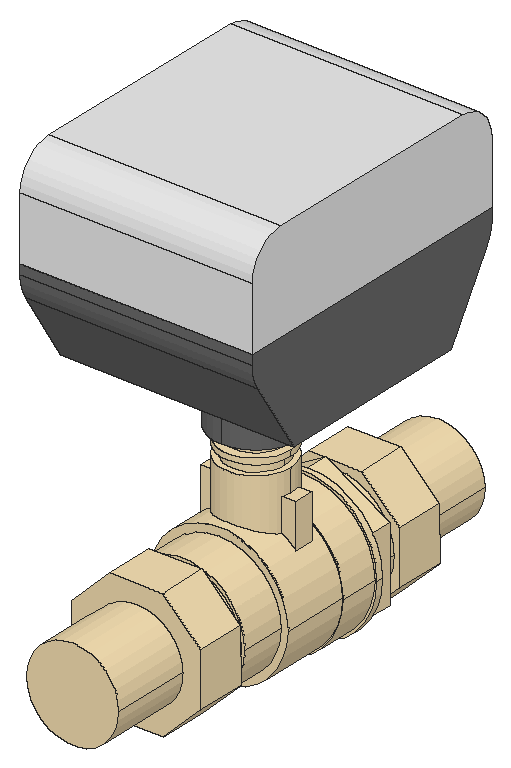
Revit family "2.rvt", category Pipe Accessories, Revit 2018
Family settings
  Round Connector Dimension = Use Diameter
  Part Type = Normal
  OmniClass Number = 23.65.00.00
  OmniClass Title = Supply and Distribution of Liquids and Gases
  Work Plane-Based = No
  Always vertical = No
  Cut with Voids When Loaded = No
  Shared = No
Parameters (values of type "3/4" - 2 ways")
  Youtube clip = ""
  Weight Net (Kg) = ""
  Voltage = 230 V
  Uniformat II Description = "HVAC"  # constant formula
  Uniformat II Code = "D30"  # constant formula
  Uniclass 2015 Name = "Heating, cooling and refrigeration systems"  # constant formula
  Uniclass 2015 Code = "Ss_60"  # constant formula
  Uniclass 2.0 Description = "Valves"  # constant formula
  Uniclass 2.0 Code = "PR-94"  # constant formula
  Uniclass 1.4 Description = "Valves"  # constant formula
  Uniclass 1.4 Code = "L7136"  # constant formula
  URL = "www.pintossi.it"
  UNSPSC Code = "401416"  # constant formula
  Torque = 800 mm  # constant formula
  Technical description = ""
  Rotation angle = "-10÷55°C"  # constant formula
  Region South America = "AR, BO, BR, CL, CO, EC, FK, GF, GY, PE, PY, SR, UY, VE"  # constant formula
  Region Oceania = "AS, AU, CK, FJ, FM, GU, KI, MH, MP, NC, NF, NR, NU, NZ, PF, PG, PN, PW, SB, TK, TL, TO, TV, UM, WF, WS, VU"  # constant formula
  Region North America = "AG, AI, AW, BB, BL, BM, BQ, BS, BZ, CA, CR, CU, CW, DM, DO, GD, GL, GP, GT, HN, HT, JM, KN, KY, LC, MF, MQ, MS, MX, NI, PA, PM, PR, SV, SX, TC, TT, US, VC, VG, VI"  # constant formula
  Region Middle East = "AE, AF, BH, EG, IL, IQ, IR, JO, KW, LB, OM, PS, QA, SA, SY, TR, YE"  # constant formula
  Region Europe = "AD, AL, AT, AX, BA, BE, BG, BY, CH, CY, CZ, DE, DK, EE, ES, FI, FO, FR, GB, GG, GI, GR, HR, HU, IE, IM, IS, IT, JE, LI, LT, LU, LV, MC, MD, ME, MK, MT, NL, NO, PL, PT, RO, RS, RU, SE, SI, SJ, SK, SM, UA, VA"  # constant formula
  Region Asia = "AM, AZ, BD, BN, BT, CC, CN, CX, GE, HK, ID, IN, IO, JP, KG, KH, KR, KZ, LA, LK, MM, MN, MO, MV, MY, NP, PH, PK, SG, TH, TJ, TM, TW, UZ, VN"  # constant formula
  Region Antarctica = "AQ, BV, GS, HM, TF"  # constant formula
  Region Africa = "AO, BF, BI, BJ, BW, CD, CF, CG, CI, CM, CV, DJ, DZ, EH, ER, ET, GA, GH, GM, GN, GQ, GW, KE, KM, LR, LS, LY, MA, MG, ML, MR, MU, MW, MZ, NA, NE, NG, RE, RW, SC, SD, SH, SL, SN, SO, SS, ST, SZ, TD, TG, TN, TZ, UG, YT, ZA, ZM, ZW"  # constant formula
  QR code = ""
  Protection level = 90.00°  # constant formula
  Product url = ""
  Product group = "Ball zone valves"  # constant formula
  Product family = "Zone valves"  # constant formula
  Product data url = "https://www.bimobject.com/pintossi/product/772-2-ways-ball-zone-valves"
  Product certification = ""
  Product SKU = ""
  Product Guid = "7d02ca70-db8c-4f84-983d-8de72317b0d6"  # constant formula
  PH: = "Between 7 and 8Between 7 and 8"  # constant formula
  OmniClass Description = "Valves"  # constant formula
  OmniClass Code = "23-27 31 00"  # constant formula
  NBS Reference Description = "Valves"  # constant formula
  NBS Reference Code = "94-94"  # constant formula
  Motorized [instance] = yes
  Model = "772"  # constant formula
  Maximum working temperature = 110 °C
  Maximum working pressure = 1000000.0 Pa
  Maximum percentage of glycol [%] = 30  # constant formula
  Material secondary = ""
  Material main = "Brass"  # constant formula
  Masterformat 2014 Description = "Heating, Ventilating, and Air Conditioning (HVAC)"  # constant formula
  Masterformat 2014 Code = "23 00 00"  # constant formula
  Manufacturer name = "Pintossi+c"  # constant formula
  Manufacturer country = "Italy"  # constant formula
  Manufacturer = "Pintossi+c"  # constant formula
  Mainfold Length = 130 mm
  Main Inlet/Outlet Radius = 9.5 mm
  Main Inlet/Outlet Diameter = 19.1 mm
  Main Inlet/Outlet 3/4" = yes
  Main Inlet/Outlet 1" = no
  Iron (FE): = "< 0,5 mg/kg (< 0,1 mg/kg for steam)"  # constant formula
  Installation instructions = ""
  IFC Classification = "Valve"  # constant formula
  Fluid aspect: = "Limpid"  # constant formula
  Electrical connector [instance] = if(Motorized, "Motorized electrical", "Not available")  # "Motorized electrical"
  Edition number = 1
  EAN code = ""
  Design country = "Italy"  # constant formula
  Description = "Pintossi+C motorized zone valves are the perfect solution to be used when a thermal regulation divided in more enviroments is needed, connecting the valve to a room thermostat, giving the information of opening/closing, depending on the set temperature.\r\n\r\nPintossi+C zone valves garantuee high performance levels: reduced dimensions and ease of use during installation allow to automatically intercept the fluid in hydraulic water systems and zone heating systems.\r\n\r\nBesides the valve is equipped with APS (Anti-locking Pintossi System) a unique patented mechanism which prevent the opening and closing operation locking caused by dirt and limescale.\r\n\r\nAll the valves are equipped with pipe unions for an easy installation.\r\n\r\nMain features:\r\n\r\n- No seepage\r\n\r\n- Short opening and closing times\r\n\r\n- Operational capacity with high differential pressures\r\n\r\n- Low head losses thanks to the full bore flow\r\n\r\n- Match with any type of 3-contact controls\r\n\r\nThe valve can be easily motorized using Pintossi+C actuator art.770 that can be used even with manual option."  # constant formula
  Date of publishing = ""
  Copper (CU): = "< 0,1 mg/kg (< 0,05 mg/kg for steam)"  # constant formula
  Conditioning: = "as indicated by the producer"  # constant formula
  COBIe Type Category = ""
  Brand url = "http://www.pintossi.it/"
  Body Material = Pintossi - Metal - Brass CW617N
  BIMobject category = "HVAC: Other HVAC"  # constant formula
  Application fluids = "Water or glycol solutions"  # constant formula
  Antifreeze: = "Passiveted Propylene Glycol"  # constant formula
Types (3, lengths in mm): name | Mainfold Length | Main Inlet/Outlet Radius | Main Inlet/Outlet Diameter | Main Inlet/Outlet 3/4" | Main Inlet/Outlet 1"
  (no name) | 130 | 9.5 | 19.1 | yes | no
  1" - 2 ways | 145 | 12.7 | 25.4 | no | yes
  3/4" - 2 ways | 130 | 9.5 | 19.1 | yes | no
Reference planes
  plane 1 "Center (Front/Back)": y = 0
  plane 2: z = 0
  plane 3 "Center (Left/Right)": x = 0
  plane 4: y = 65
  plane 5: y = -65
  plane 6: x = -2.99
  plane 7: x = 2.99
Forms (mm)
  Sweep 1, solid, material "Pintossi - Metal - Brass CW617N" <- "Body Material", visible <- "Main Inlet/Outlet 1"", detail levels fine
    path origin (0, 0, 0) x (1, 0, 0) y (0, 1, 0)
      loop
        line (0, 65) -> (0, 50)
    profile origin (0, 57.5, 0) x (1, 0, 0) y (0, 0, 1)
      loop
        circle (0, 0) r 16.5
  Sweep 2, solid, material "Pintossi - Metal - Brass CW617N" <- "Body Material", visible <- "Main Inlet/Outlet 1"", detail levels fine
    path origin (0, 0, 0) x (1, 0, 0) y (0, 1, 0)
      loop
        line (0, 50) -> (0, 34.9)
    profile origin (0, 42.45, 0) x (1, 0, 0) y (0, 0, 1)
      loop
        circle (0, 0) r 11
  Sweep 3, solid, material "Pintossi - Metal - Brass CW617N" <- "Body Material", detail levels fine
    path origin (0, 0, 0) x (1, 0, 0) y (0, 1, 0)
      loop
        line (0, 42.4) -> (0, 28.4)
    profile origin (0, 35.4, 0) x (1, 0, 0) y (0, 0, 1)
      loop
        line (-18.358, 7.417) -> (-18.226, -7.736) -> (-7.417, -18.358) -> (7.736, -18.226) -> (18.358, -7.417) -> (18.226, 7.736) -> (7.417, 18.358) -> (-7.736, 18.226) -> (-18.358, 7.417)
  Sweep 4, solid, material "Pintossi - Metal - Brass CW617N" <- "Body Material", detail levels fine
    path origin (0, 0, 0) x (1, 0, 0) y (0, 1, 0)
      loop
        line (0, 24.916) -> (0, 28.4)
    profile origin (0, 26.658, 0) x (-1, 0, 0) y (0, 0, 1)
      loop
        circle (0, 0) r 16.5
  Sweep 5, solid, material "Pintossi - Metal - Brass CW617N" <- "Body Material", visible <- "Main Inlet/Outlet 1"", detail levels fine
    path origin (0, 0, 0) x (1, 0, 0) y (0, -1, 0)
      loop
        line (0, 65) -> (0, 50)
    profile origin (0, -57.5, 0) x (-1, 0, 0) y (0, 0, 1)
      loop
        circle (0, 0) r 16.5
  Sweep 6, solid, material "Pintossi - Metal - Brass CW617N" <- "Body Material", visible <- "Main Inlet/Outlet 1"", detail levels fine
    path origin (0, 0, 0) x (1, 0, 0) y (0, -1, 0)
      loop
        line (0, 50) -> (0, 34.9)
    profile origin (0, -42.45, 0) x (-1, 0, 0) y (0, 0, 1)
      loop
        circle (0, 0) r 11
  Sweep 7, solid, material "Pintossi - Metal - Brass CW617N" <- "Body Material", detail levels fine
    path origin (0, 0, 0) x (1, 0, 0) y (0, -1, 0)
      loop
        line (0, 42.4) -> (0, 28.4)
    profile origin (0, -35.4, 0) x (-1, 0, 0) y (0, 0, 1)
      loop
        line (18.358, 7.417) -> (7.736, 18.226) -> (-7.417, 18.358) -> (-18.226, 7.736) -> (-18.358, -7.417) -> (-7.736, -18.226) -> (7.417, -18.358) -> (18.226, -7.736) -> (18.358, 7.417)
  Sweep 8, solid, material "Pintossi - Metal - Brass CW617N" <- "Body Material", detail levels fine
    path origin (0, 0, 0) x (1, 0, 0) y (0, 1, 0)
      loop
        line (0, 24.916) -> (0, 18.7)
    profile origin (0, 21.808, 0) x (1, 0, 0) y (0, 0, 1)
      loop
        line (18.187, 10.5) -> (0, 21) -> (-18.187, 10.5) -> (-18.187, -10.5) -> (0, -21) -> (18.187, -10.5) -> (18.187, 10.5)
  Sweep 9, solid, material "Pintossi - Metal - Brass CW617N" <- "Body Material", detail levels fine
    path origin (0, 0, 0) x (1, 0, 0) y (0, 1, 0)
      loop
        line (0, 18.7) -> (0, 16.969)
    profile origin (0, 17.834, 0) x (1, 0, 0) y (0, 0, 1)
      loop
        circle (0, 0) r 21
  Sweep 10, solid, material "Pintossi - Metal - Brass CW617N" <- "Body Material", detail levels fine
    path origin (0, 0, 0) x (1, 0, 0) y (0, 1, 0)
      loop
        line (0, 16.969) -> (0, 5.967)
    profile origin (0, 11.468, 0) x (1, 0, 0) y (0, 0, 1)
      loop
        circle (0, 0) r 20.25
  Sweep 11, solid, material "Pintossi - Metal - Brass CW617N" <- "Body Material", detail levels fine
    path origin (0, 0, 0) x (1, 0, 0) y (0, 1, 0)
      loop
        line (0, 5.967) -> (0, -13)
    profile origin (0, -3.516, 0) x (1, 0, 0) y (0, 0, 1)
      loop
        circle (0, 0) r 19.75
  Sweep 12, solid, material "Pintossi - Metal - Brass CW617N" <- "Body Material", detail levels fine
    path origin (0, 0, 0) x (1, 0, 0) y (0, 1, 0)
      loop
        line (0, -13) -> (0, -25.8)
    profile origin (0, -19.4, 0) x (1, 0, 0) y (0, 0, 1)
      loop
        circle (0, 0) r 17.5
  Sweep 13, solid, material "Pintossi - Metal - Brass CW617N" <- "Body Material", detail levels fine
    path origin (0, 0, 0) x (1, 0, 0) y (0, 1, 0)
      loop
        line (0, -25.8) -> (0, -28.4)
    profile origin (0, -27.1, 0) x (1, 0, 0) y (0, 0, 1)
      loop
        circle (0, 0) r 16.5
  Sweep 14, solid, material "Pintossi - Metal - Brass CW617N" <- "Body Material", detail levels fine
    path origin (0, 0, 0) x (0, 1, 0) y (0, 0, 1)
      loop
        line (0, 0) -> (0, 32.689)
    profile origin (0, 0, 16.344) x (0, -1, 0) y (1, 0, 0)
      loop
        circle (0, 0) r 10
  Sweep 15, solid, material "Pintossi - Metal - Brass CW617N" <- "Body Material", detail levels fine
    path origin (0, 0, 0) x (0, 1, 0) y (0, 0, 1)
      loop
        line (0, 32.689) -> (0, 35.614)
    profile origin (0, 0, 34.152) x (0, -1, 0) y (1, 0, 0)
      loop
        circle (0, 0) r 8.25
  Sweep 16, solid, material "Pintossi - Metal - Brass CW617N" <- "Body Material", detail levels fine
    path origin (0, 0, 0) x (0, 1, 0) y (0, 0, 1)
      loop
        line (0, 35.614) -> (0, 37.2)
    profile origin (0, 0, 36.407) x (0, -1, 0) y (1, 0, 0)
      loop
        circle (0, 0) r 10
  Sweep 17, solid, material "Pintossi - Metal - Brass CW617N" <- "Body Material", detail levels fine
    path origin (0, 0, 0) x (1, 0, 0) y (0, 0, 1)
      loop
        line (0, 37.2) -> (0, 40.5)
    profile origin (0, 0, 38.85) x (-1, 0, 0) y (0, -1, 0)
      loop
        circle (0, 0) r 7.6
  Extrusion 18, solid, material "Pintossi - Metal - Brass CW617N" <- "Body Material", detail levels fine
    sketch origin (0, 0, 0) x (1, 0, 0) y (0, 1, 0)
      loop
        line (-7.108, 2.858) -> (-13.409, 2.858) -> (-13.409, -2.856) -> (-7.108, -2.856) -> (-7.108, 2.858)
    from 0 to 26.5
  Extrusion 19, solid, material "Pintossi - Metal - Brass CW617N" <- "Body Material", detail levels fine
    sketch origin (0, 0, 0) x (-1, 0, 0) y (0, -1, 0)
      loop
        line (-7.407, -2.858) -> (-7.407, 2.856) -> (-13.708, 2.856) -> (-13.708, -2.858) -> (-7.407, -2.858)
    from 0 to 26.5
  Extrusion 20, solid, material "Pintossi - Metal - Brass CW617N" <- "Body Material", visible <- "Main Inlet/Outlet 1"", detail levels fine
    sketch origin (-0.156, 0, 0) x (1, 0, 0) y (0, 1, 0)
      loop
        line (-1.526, 46.757) -> (1.825, 46.757) -> (1.825, 51.956) -> (-1.526, 51.956) -> (-1.526, 46.757)
    from -16.494 to 16.477
  Sweep 21, solid, material "Pintossi - Metal - Brass CW617N" <- "Body Material", visible <- "Main Inlet/Outlet 3/4"", detail levels fine
    path origin (0, 0, 0) x (1, 0, 0) y (0, 1, 0)
      loop
        line (0, 34.9) -> (0, 65)
    profile origin (0, 49.95, 0) x (-1, 0, 0) y (0, 0, 1)
      loop
        circle (0, 0) r 13.05
  Sweep 22, solid, material "Pintossi - Metal - Brass CW617N" <- "Body Material", visible <- "Main Inlet/Outlet 3/4"", detail levels fine
    path origin (0, 0, 0) x (1, 0, 0) y (0, 1, 0)
      loop
        line (0, -34.9) -> (0, -65)
    profile origin (0, -49.95, 0) x (1, 0, 0) y (0, 0, 1)
      loop
        circle (0, 0) r 13.05
  Extrusion 23, solid, material "Pintossi - Plastic - Black ABS", visible <- "Motorized", detail levels fine
    sketch origin (-0.015, -1.513, -84) x (0, 1, 0) y (-1, 0, 0)
      loop
        circle (1.513, -0.015) r 12.093
    from 124.5 to 142.5
  Extrusion 24, solid, material "Pintossi - Metal - Brass CW617N" <- "Body Material", visible <- "Main Inlet/Outlet 1"", detail levels fine
    sketch origin (-0.156, 0, 0) x (1, 0, 0) y (0, 1, 0)
      loop
        line (-1.526, -46.757) -> (-1.526, -51.956) -> (1.825, -51.956) -> (1.825, -46.757) -> (-1.526, -46.757)
    from -16.494 to 16.477
  Extrusion 25, solid, material "Pintossi - Plastic - ABS", visible <- "Motorized", detail levels fine
    sketch origin (-0.015, -7.275, -84) x (0, 1, 0) y (0, 0, 1)
      loop
        arc (-25.012, 200.5) -> (-32.237, 197.507) -> (-35.229, 190.283) r 10.217
        line (-35.229, 190.283) -> (-35.229, 172.272) -> (49.779, 172.272) -> (49.779, 190.283)
        arc (49.779, 190.283) -> (46.786, 197.507) -> (39.562, 200.5) r 10.217
        line (39.562, 200.5) -> (-25.012, 200.5)
    from -33 to 33.076
  Extrusion 26, solid, material "Pintossi - Plastic - Black ABS", visible <- "Motorized", detail levels fine
    sketch origin (-0.015, -5.683, -70.839) x (0, 1, 0) y (0, 0, 1)
      loop
        line (-22.268, 129.339) -> (33.633, 129.339) -> (46.289, 149.593)
        arc (46.289, 149.593) -> (47.703, 152.769) -> (48.187, 156.21) r 12.487
        line (48.187, 156.21) -> (48.187, 159.111) -> (-36.821, 159.111) -> (-36.821, 156.21)
        arc (-36.821, 156.21) -> (-36.338, 152.769) -> (-34.924, 149.593) r 12.487
        line (-34.924, 149.593) -> (-22.268, 129.339)
    from -33 to 33.076
  Extrusion 27, solid, material "Pintossi - Plastic - Black ABS", visible <- "Motorized", detail levels fine
    sketch origin (-0.015, 0.079, -70.839) x (0, 1, 0) y (0, 0, 1)
      loop
        circle (14.285, 139.455) r 5
    from -23.92 to -34.876
Lines and regions (mm)
  symbolic lines, visible <- "Motorized"
    curve 1: line (-57.7, -50, 0) -> (-57.7, 50, 0)
    curve 2: line (-57.7, 50, 0) -> (-32.7, 50, 0)
    curve 3: line (-32.7, 50, 0) -> (-32.7, -50, 0)
    curve 4: line (-32.7, -50, 0) -> (-57.7, -50, 0)
    curve 23: line (-15, 0, 0) -> (-32.7, 0, 0)
  symbolic lines
    curve 5: circle (0, 0, 0) r 15 normal (0, 0, 1)
  symbolic lines, visible <- "Motorized", not visible
    curve 6: line (334.964, -369.091, 0) -> (434.964, -369.091, 0)
    curve 7: line (434.964, -369.091, 0) -> (434.964, -394.091, 0)
    curve 8: line (434.964, -394.091, 0) -> (334.964, -394.091, 0)
    curve 9: line (334.964, -394.091, 0) -> (334.964, -369.091, 0)
    curve 24: line (384.964, -411.791, 0) -> (384.964, -394.091, 0)
  symbolic lines, not visible
    curve 10: circle (384.964, -426.791, 0) r 15 normal (0, 0, 1)
  model lines, visible <- "Motorized", detail levels coarse+medium
    curve 11: line (0, -42.5, 32.689) -> (0, 42.5, 32.689)
    curve 13: line (0, -42.5, 32.689) -> (0, -42.5, 67.689)
    curve 14: line (0, 42.5, 32.689) -> (0, 42.5, 67.689)
    curve 15: line (0, 42.5, 67.689) -> (0, -42.5, 67.689)
    curve 22: line (0, 0, 32.689) -> (0, 0, 15)
  model lines, detail levels coarse+medium
    curve 12: line (0, -65, 30.5) -> (0, -65, -29.5)
    curve 16: line (0, -65, 30.5) -> (0, -13.826, 5.817)
    curve 17: line (0, -65, -29.5) -> (0, -13.894, -5.653)
    curve 18: line (0, 65, 30.5) -> (0, 65, -29.5)
    curve 19: line (0, 65, 30.5) -> (0, 13.826, 5.817)
    curve 20: line (0, 65, -29.5) -> (0, 13.894, -5.653)
    curve 21: circle (0, 0, 0) r 15 normal (1, 0, 0)
  symbolic lines, visible <- "Main Inlet/Outlet 1""
    curve 25: line (-30, 72.5, 0) -> (30, 72.5, 0)
    curve 26: line (-30, -72.5, 0) -> (-5.735, -13.86, 0)
    curve 27: line (30, -72.5, 0) -> (5.735, -13.86, 0)
    curve 28: line (-30, 72.5, 0) -> (-5.735, 13.86, 0)
    curve 29: line (30, 72.5, 0) -> (5.735, 13.86, 0)
    curve 35: line (-30, -72.5, 0) -> (30, -72.5, 0)
  symbolic lines, visible <- "Main Inlet/Outlet 1"", not visible
    curve 30: line (457.464, -396.791, 0) -> (457.464, -456.791, 0)
    curve 31: line (312.464, -396.791, 0) -> (371.104, -421.056, 0)
    curve 32: line (312.464, -456.791, 0) -> (371.104, -432.526, 0)
    curve 33: line (457.464, -396.791, 0) -> (398.824, -421.056, 0)
    curve 34: line (457.464, -456.791, 0) -> (398.824, -432.526, 0)
    curve 36: line (312.464, -396.791, 0) -> (312.464, -456.791, 0)
  symbolic lines, visible <- "Main Inlet/Outlet 3/4""
    curve 37: line (28.835, 65, 0) -> (5.121, 13.619, 0)
    curve 38: line (28.835, 65, 0) -> (-28.536, 65, 0)
    curve 39: line (-28.536, 65, 0) -> (-4.822, 13.619, 0)
    curve 40: line (28.835, -65, 0) -> (5.121, -13.619, 0)
    curve 41: line (28.835, -65, 0) -> (-28.536, -65, 0)
    curve 42: line (-28.536, -65, 0) -> (-4.822, -13.619, 0)
Dimensions and locks
  equal spacing: plane 5, plane 1 "Center (Front/Back)", plane 4
  "Mainfold Length": plane 5 to plane 4
  plane 6 to plane 7 = 5.981 mm
  locked: Extrusion 26 sketch curve to Extrusion 26 sketch curve at 55.901
  equal spacing: Extrusion 26 sketch curve, plane 1 "Center (Front/Back)", Extrusion 26 sketch curve
  locked: Extrusion 25 sketch curve to Extrusion 25 sketch curve at 85.008
  equal spacing: Extrusion 25 sketch curve, plane 1 "Center (Front/Back)", Extrusion 25 sketch curve
  aligned and locked: level to plane 2
  aligned and locked: plane 4 to Sweep 1
  aligned and locked: Sweep 5 to plane 5
  aligned and locked: Sweep 5 to Sweep 6
  aligned and locked: Sweep 7 to Sweep 13
  aligned and locked: Sweep 13 to Sweep 12
  aligned and locked: Sweep 12 to Sweep 11
  aligned and locked: Sweep 1 to Sweep 2
  aligned and locked: Sweep 4 to Sweep 3
  aligned and locked: Sweep 8 to Sweep 4
  aligned and locked: Sweep 8 to Sweep 9
  aligned and locked: Sweep 9 to Sweep 10
  aligned and locked: Sweep 10 to Sweep 11
  aligned and locked: Sweep 11 to Sweep 12
  aligned and locked: Sweep 12 to Sweep 13
  aligned and locked: curve 38 to plane 4
  aligned and locked: curve 41 to plane 5
Automatic sketch dimensions
  curve 3 to curve 5 = 50 mm
  curve 5 to curve 1 = 50 mm
  curve 2 to curve 28 = 22.5 mm
  curve 25 to curve 5 = 30 mm
  curve 25 to curve 25 = 60 mm
  curve 25 to curve 2 = 2.7 mm
  curve 2 to curve 2 = 25 mm
  curve 35 to curve 3 = 22.5 mm
  curve 26 to curve 5 = 13.86 mm
  curve 26 to curve 27 = 0 mm
  curve 26 to curve 23 = 13.86 mm
  curve 5 to curve 28 = 13.86 mm
  curve 28 to curve 29 = 0 mm
  curve 27 to curve 3 = 62.7 mm
  curve 29 to curve 5 = 5.735 mm
  curve 35 to curve 3 = 2.7 mm
  curve 8 to curve 10 = 50 mm
  curve 10 to curve 6 = 50 mm
  curve 7 to curve 33 = 22.5 mm
  curve 30 to curve 10 = 30 mm
  curve 30 to curve 30 = 60 mm
  curve 30 to curve 7 = 2.7 mm
  curve 7 to curve 7 = 25 mm
  curve 36 to curve 8 = 22.5 mm
  curve 31 to curve 10 = 13.86 mm
  curve 31 to curve 32 = 0 mm
  curve 31 to curve 24 = 13.86 mm
  curve 10 to curve 33 = 13.86 mm
  curve 33 to curve 34 = 0 mm
  curve 32 to curve 8 = 62.7 mm
  curve 34 to curve 10 = 5.735 mm
  curve 36 to curve 8 = 2.7 mm
  curve 16 to plane 5 = 0 mm
  curve 22 to plane 1 "Center (Front/Back)" = 0 mm
  curve 21 to level = 0 mm
  curve 21 to plane 1 "Center (Front/Back)" = 0 mm
  curve 18 to plane 4 = 0 mm
  curve 13 to plane 5 = 22.5 mm
  plane 4 to curve 15 = 22.5 mm
  curve 12 to level = 29.5 mm
  curve 18 to level = 29.5 mm
  level to curve 16 = 30.5 mm
  level to curve 19 = 30.5 mm
  curve 12 to curve 13 = 2.189 mm
  curve 11 to curve 13 = 35 mm
  curve 17 to level = 5.653 mm
  plane 1 "Center (Front/Back)" to curve 17 = 13.894 mm
  level to curve 16 = 5.817 mm
  level to curve 19 = 5.817 mm
  curve 20 to level = 5.653 mm
  curve 41 to plane 6 = 25.546 mm
  curve 39 to plane 6 = 25.546 mm
  plane 7 to curve 41 = 25.845 mm
  plane 7 to curve 38 = 25.845 mm
  curve 39 to plane 6 = 1.832 mm
  curve 42 to plane 6 = 1.832 mm
  plane 7 to curve 40 = 2.13 mm
  plane 7 to curve 37 = 2.13 mm
  plane 1 "Center (Front/Back)" to curve 40 = 13.619 mm
  curve 42 to curve 40 = 0 mm
  curve 37 to plane 1 "Center (Front/Back)" = 13.619 mm
  curve 39 to curve 37 = 0 mm
  Sweep 1 sketch curve to plane 3 "Center (Left/Right)" = 0 mm
  plane 4 to Sweep 1 sketch curve = 0 mm
  Sweep 1 sketch curve to Sweep 1 sketch curve = 15 mm
  Sweep 1 sketch curve to level = 0 mm
  profile plane to Sweep 1 sketch curve = 0 mm
  Sweep 2 sketch curve to plane 3 "Center (Left/Right)" = 0 mm
  plane 4 to Sweep 2 sketch curve = 30.1 mm
  plane 4 to Sweep 2 sketch curve = 15 mm
  Sweep 2 sketch curve to level = 0 mm
  profile plane to Sweep 2 sketch curve = 0 mm
  Sweep 3 sketch curve to plane 3 "Center (Left/Right)" = 0 mm
  Sweep 3 sketch curve to plane 1 "Center (Front/Back)" = 28.4 mm
  Sweep 3 sketch curve to Sweep 3 sketch curve = 14 mm
  level to Sweep 3 sketch curve = 7.417 mm
  profile plane to Sweep 3 sketch curve = 18.358 mm
  Sweep 3 sketch curve to level = 7.736 mm
  Sweep 3 sketch curve to Sweep 3 sketch curve = 0.132 mm  (x2)
  profile plane to Sweep 3 sketch curve = 7.736 mm
  profile plane to Sweep 3 sketch curve = 7.417 mm
  Sweep 3 sketch curve to profile plane = 7.417 mm
  Sweep 3 sketch curve to profile plane = 7.736 mm
  level to Sweep 3 sketch curve = 7.736 mm
  Sweep 3 sketch curve to Sweep 3 sketch curve = 10.809 mm  (x3)
  Sweep 3 sketch curve to level = 7.417 mm
  Sweep 3 sketch curve to Sweep 3 sketch curve = 10.622 mm  (x2)
  Sweep 4 sketch curve to plane 3 "Center (Left/Right)" = 0 mm
  Sweep 4 sketch curve to plane 1 "Center (Front/Back)" = 24.916 mm
  Sweep 4 sketch curve to Sweep 4 sketch curve = 3.484 mm
  Sweep 4 sketch curve to level = 0 mm
  Sweep 4 sketch curve to profile plane = 0 mm
  Sweep 5 sketch curve to plane 3 "Center (Left/Right)" = 0 mm
  plane 5 to Sweep 5 sketch curve = 0 mm
  plane 5 to Sweep 5 sketch curve = 15 mm
  Sweep 5 sketch curve to level = 0 mm
  Sweep 5 sketch curve to profile plane = 0 mm
  Sweep 6 sketch curve to plane 3 "Center (Left/Right)" = 0 mm
  plane 5 to Sweep 6 sketch curve = 30.1 mm
  plane 5 to Sweep 6 sketch curve = 15 mm
  Sweep 6 sketch curve to level = 0 mm
  Sweep 6 sketch curve to profile plane = 0 mm
  Sweep 7 sketch curve to plane 3 "Center (Left/Right)" = 0 mm
  Sweep 7 sketch curve to plane 1 "Center (Front/Back)" = 28.4 mm
  Sweep 7 sketch curve to Sweep 7 sketch curve = 14 mm
  Sweep 7 sketch curve to level = 7.417 mm
  profile plane to Sweep 7 sketch curve = 18.358 mm
  level to Sweep 7 sketch curve = 7.736 mm
  Sweep 7 sketch curve to Sweep 7 sketch curve = 0.132 mm  (x2)
  profile plane to Sweep 7 sketch curve = 7.736 mm
  profile plane to Sweep 7 sketch curve = 7.417 mm
  Sweep 7 sketch curve to profile plane = 7.417 mm
  Sweep 7 sketch curve to profile plane = 7.736 mm
  Sweep 7 sketch curve to level = 7.736 mm
  Sweep 7 sketch curve to Sweep 7 sketch curve = 10.809 mm  (x3)
  level to Sweep 7 sketch curve = 7.417 mm
  Sweep 7 sketch curve to Sweep 7 sketch curve = 10.622 mm  (x2)
  Sweep 8 sketch curve to plane 3 "Center (Left/Right)" = 0 mm
  Sweep 8 sketch curve to plane 1 "Center (Front/Back)" = 18.7 mm
  Sweep 8 sketch curve to Sweep 8 sketch curve = 6.216 mm
  profile plane to Sweep 8 sketch curve = 0 mm  (x2)
  profile plane to Sweep 8 sketch curve = 18.187 mm
  Sweep 8 sketch curve to profile plane = 18.187 mm
  Sweep 8 sketch curve to level = 21 mm
  Sweep 8 sketch curve to level = 10.5 mm  (x2)
  level to Sweep 8 sketch curve = 10.5 mm  (x2)
  Sweep 8 sketch curve to Sweep 8 sketch curve = 10.5 mm
  Sweep 9 sketch curve to plane 3 "Center (Left/Right)" = 0 mm
  Sweep 9 sketch curve to plane 1 "Center (Front/Back)" = 16.969 mm
  Sweep 9 sketch curve to Sweep 9 sketch curve = 1.731 mm
  Sweep 9 sketch curve to level = 0 mm
  profile plane to Sweep 9 sketch curve = 0 mm
  Sweep 10 sketch curve to plane 3 "Center (Left/Right)" = 0 mm
  Sweep 10 sketch curve to plane 1 "Center (Front/Back)" = 5.967 mm
  Sweep 10 sketch curve to Sweep 10 sketch curve = 11.001 mm
  Sweep 10 sketch curve to level = 0 mm
  profile plane to Sweep 10 sketch curve = 0 mm
  Sweep 11 sketch curve to plane 3 "Center (Left/Right)" = 0 mm
  plane 1 "Center (Front/Back)" to Sweep 11 sketch curve = 13 mm
  Sweep 11 sketch curve to plane 1 "Center (Front/Back)" = 5.967 mm
  Sweep 11 sketch curve to level = 0 mm
  profile plane to Sweep 11 sketch curve = 0 mm
  Sweep 12 sketch curve to plane 3 "Center (Left/Right)" = 0 mm
  plane 1 "Center (Front/Back)" to Sweep 12 sketch curve = 25.8 mm
  Sweep 12 sketch curve to Sweep 12 sketch curve = 12.8 mm
  Sweep 12 sketch curve to level = 0 mm
  profile plane to Sweep 12 sketch curve = 0 mm
  Sweep 13 sketch curve to plane 3 "Center (Left/Right)" = 0 mm
  plane 1 "Center (Front/Back)" to Sweep 13 sketch curve = 28.4 mm
  Sweep 13 sketch curve to Sweep 13 sketch curve = 2.6 mm
  Sweep 13 sketch curve to level = 0 mm
  profile plane to Sweep 13 sketch curve = 0 mm
  Sweep 14 sketch curve to plane 1 "Center (Front/Back)" = 0 mm
  Sweep 14 sketch curve to level = 0 mm
  level to Sweep 14 sketch curve = 32.689 mm
  Sweep 14 sketch curve to plane 3 "Center (Left/Right)" = 0 mm
  Sweep 14 sketch curve to profile plane = 0 mm
  Sweep 15 sketch curve to plane 1 "Center (Front/Back)" = 0 mm
  level to Sweep 15 sketch curve = 32.689 mm
  Sweep 15 sketch curve to Sweep 15 sketch curve = 2.926 mm
  Sweep 15 sketch curve to plane 3 "Center (Left/Right)" = 0 mm
  Sweep 15 sketch curve to profile plane = 0 mm
  Sweep 16 sketch curve to plane 1 "Center (Front/Back)" = 0 mm
  level to Sweep 16 sketch curve = 35.614 mm
  Sweep 16 sketch curve to Sweep 16 sketch curve = 1.586 mm
  Sweep 16 sketch curve to plane 3 "Center (Left/Right)" = 0 mm
  Sweep 16 sketch curve to profile plane = 0 mm
  Sweep 17 sketch curve to plane 3 "Center (Left/Right)" = 0 mm
  level to Sweep 17 sketch curve = 37.2 mm
  Sweep 17 sketch curve to Sweep 17 sketch curve = 3.3 mm
  plane 1 "Center (Front/Back)" to Sweep 17 sketch curve = 0 mm
  Sweep 17 sketch curve to profile plane = 0 mm
  Extrusion 18 sketch curve to plane 1 "Center (Front/Back)" = 2.858 mm
  Extrusion 18 sketch curve to plane 6 = 10.419 mm
  Extrusion 18 sketch curve to plane 6 = 4.118 mm
  plane 1 "Center (Front/Back)" to Extrusion 18 sketch curve = 2.856 mm
  plane 1 "Center (Front/Back)" to Extrusion 19 sketch curve = 2.858 mm
  Extrusion 19 sketch curve to plane 7 = 10.718 mm
  Extrusion 19 sketch curve to plane 7 = 4.417 mm
  Extrusion 19 sketch curve to plane 1 "Center (Front/Back)" = 2.856 mm
  plane 6 to Extrusion 20 sketch curve = 1.308 mm
  Extrusion 20 sketch curve to plane 7 = 1.321 mm
  plane 4 to Extrusion 20 sketch curve = 18.243 mm
  Extrusion 20 sketch curve to Extrusion 20 sketch curve = 5.199 mm
  Sweep 21 sketch curve to plane 3 "Center (Left/Right)" = 0 mm
  plane 4 to Sweep 21 sketch curve = 0 mm
  Sweep 21 sketch curve to Sweep 21 sketch curve = 30.1 mm
  Sweep 21 sketch curve to level = 0 mm
  Sweep 21 sketch curve to profile plane = 0 mm
  Sweep 22 sketch curve to plane 3 "Center (Left/Right)" = 0 mm
  plane 5 to Sweep 22 sketch curve = 0 mm
  Sweep 22 sketch curve to plane 5 = 30.1 mm
  Sweep 22 sketch curve to level = 0 mm
  profile plane to Sweep 22 sketch curve = 0 mm
  plane 1 "Center (Front/Back)" to Extrusion 23 sketch curve = 0 mm
  Extrusion 23 sketch curve to plane 3 "Center (Left/Right)" = 0 mm
  Extrusion 24 sketch curve to plane 6 = 1.308 mm
  plane 7 to Extrusion 24 sketch curve = 1.321 mm
  plane 5 to Extrusion 24 sketch curve = 18.243 mm
  Extrusion 24 sketch curve to Extrusion 24 sketch curve = 5.199 mm
  Extrusion 25 sketch curve to Extrusion 25 sketch curve = 10.217 mm  (x2)
  level to Extrusion 25 sketch curve = 88.272 mm
  Extrusion 25 sketch curve to Extrusion 25 sketch curve = 18.011 mm
  Extrusion 26 sketch curve to Extrusion 26 sketch curve = 1.897 mm  (x2)
  Extrusion 26 sketch curve to Extrusion 26 sketch curve = 10.589 mm  (x2)
  Extrusion 26 sketch curve to Extrusion 26 sketch curve = 12.656 mm
  Extrusion 26 sketch curve to Extrusion 26 sketch curve = 2.067 mm
  level to Extrusion 26 sketch curve = 58.5 mm
  Extrusion 26 sketch curve to Extrusion 26 sketch curve = 20.254 mm  (x2)
  Extrusion 26 sketch curve to Extrusion 26 sketch curve = 2.901 mm
  Extrusion 27 sketch curve to plane 1 "Center (Front/Back)" = 14.365 mm
  level to Extrusion 27 sketch curve = 68.615 mm
  radius of Sweep 1 sketch curve = 16.5 mm
  radius of Sweep 2 sketch curve = 11 mm
  radius of Sweep 4 sketch curve = 16.5 mm
  radius of Sweep 5 sketch curve = 16.5 mm
  radius of Sweep 6 sketch curve = 11 mm
  radius of Sweep 9 sketch curve = 21 mm
  radius of Sweep 10 sketch curve = 20.25 mm
  radius of Sweep 11 sketch curve = 19.75 mm
  radius of Sweep 12 sketch curve = 17.5 mm
  radius of Sweep 13 sketch curve = 16.5 mm
  radius of Sweep 14 sketch curve = 10 mm
  radius of Sweep 15 sketch curve = 8.25 mm
  radius of Sweep 16 sketch curve = 10 mm
  radius of Sweep 17 sketch curve = 7.6 mm
  radius of Sweep 21 sketch curve = 13.05 mm
  radius of Sweep 22 sketch curve = 13.05 mm
  radius of Extrusion 23 sketch curve = 12.093 mm
  radius of Extrusion 27 sketch curve = 5 mm
Connectors
  piping at (0, -65, 0), diameter 19.1, driven by "Main Inlet/Outlet Diameter"
    settings: on Sweep 5, index 2, connector inside diameter 609.6 mm, connector length 0 mm, flow factor 0, pipe flow 0.0 L/s, pressure drop 0.0 Pa, fitting loss kfactor 0, connector angle 0.00°, fixture units 0, engagement length 0 mm, angle of deflection 0.00°, flow configuration 0, flow direction 0, fitting loss method 0, system type 29, joint type 0, gender type 0, connector reference index -1, connector utility 0, adjustable connector no, is connector primary yes, connector description "Main IN/OUT"
  piping at (0, 65, 0), diameter 19.1, driven by "Main Inlet/Outlet Diameter"
    settings: on Sweep 1, index 3, connector inside diameter 609.6 mm, connector length 0 mm, flow factor 0, pipe flow 0.0 L/s, pressure drop 0.0 Pa, fitting loss kfactor 0, connector angle 0.00°, fixture units 0, engagement length 0 mm, angle of deflection 0.00°, flow configuration 0, flow direction 0, fitting loss method 0, system type 29, joint type 0, gender type 0, connector reference index -1, connector utility 0, adjustable connector no, is connector primary no, connector description "Main IN/OUT"
  electrical at (-34.891, 14.365, 68.615), driven by "Voltage", driven by "Electrical connector"
    settings: on Extrusion 27, index 8, voltage 230 V, apparent load 0 VA, apparent load phase1 0 VA, apparent load phase2 0 VA, apparent load phase3 0 VA, power factor 1, load classification "Other", number of poles 1, system type 30, power factor state 1, is connector primary yes, connector utility no, sub classification motor no, connector description "Motorized electrical"
